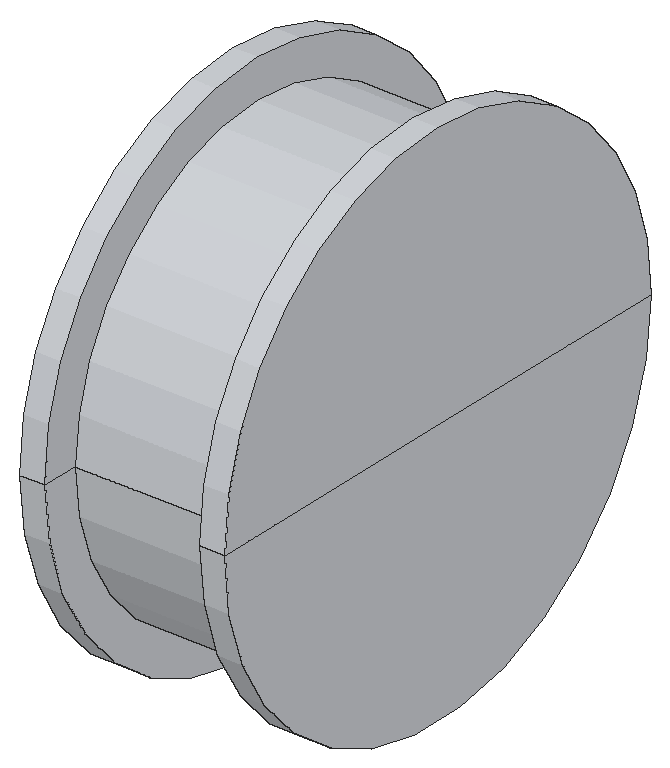
Revit family "38e2b4cb80ab40eda4b15d28600dfd3c", category Pipe Fittings, Revit 2021
Family settings
  Round Connector Dimension = Use Radius
  Part Type = Union
  OmniClass Number = 23.60.30.11.14
  OmniClass Title = Pipework Fittings
  Seek Item ID = Coupling - Generic-0000-USA-ENU
  Work Plane-Based = No
  Always vertical = Yes
  Cut with Voids When Loaded = No
  Shared = No
Parameters (values of type "Standard")
  Tick Size [instance] = Socket Outside Diameter * 0.4  # 13.4000"
  Socket Outside Radius [instance] = Socket Outside Diameter / 2  # 16.7500"
  Socket Outside Diameter [instance] = size_lookup(Lookup Table Name, "SOD", 1.08 * Nominal Diameter + 1.1200", Nominal Diameter)  # 33.5000"
  Nominal Radius [instance] = 15.0000"
  Nominal Diameter [instance] = Nominal Radius * 2  # 30.0000"
  Loss Method = K Coefficient from Table
  Lookup Table Name = "Sleeve Short Solid - MJ - DI - Class 250"
  Length Not Found [instance] = if(Nominal Diameter < 14.0000", 7.5000", if(Nominal Diameter < 30.0000", 9.5000", 15.0000"))  # 15.0000"
  Length [instance] = size_lookup(Lookup Table Name, "Lgt", Length Not Found, Nominal Diameter)  # 15.0000"
  K Coefficient Table = "Reducer/Coupling/Union/Increaser"
  Gland Width [instance] = size_lookup(Lookup Table Name, "GWid", 0.03 * Nominal Diameter + 0.9400", Nominal Diameter)  # 1.8100"
  Gland Outside Radius [instance] = Gland Outside Diameter / 2  # 19.5600"
  Gland Outside Diameter [instance] = size_lookup(Lookup Table Name, "GOD", 1.16 * Nominal Diameter + 4.0300", Nominal Diameter)  # 39.1200"
  Default Elevation = 0.0000"
Reference planes (in)
  plane 1 "Center (Front/Back)": y = 0
  plane 2: z = 0
  plane 3 "Center (Left/Right)": x = 0
  plane 4: x = -7.5
  plane 5: x = 7.5
  plane 6: y = 13.4
  plane 7: y = -13.4
  plane 8: y = 16.75
  plane 9: y = 19.56
  plane 10: x = -5.69
  plane 11: x = 5.69
Forms (in)
  Revolve 1, solid, detail levels fine
    sketch origin (0, 0, 0) x (1, 0, 0) y (0, 1, 0)
      loop
        line (-7.5, 0) -> (7.5, 0) -> (7.5, 19.56) -> (5.69, 19.56) -> (5.69, 16.75) -> (-5.69, 16.75) -> (-5.69, 19.56) -> (-7.5, 19.56) -> (-7.5, 0)
      axis (-7.5, 0) -> (7.5, 0)
    angle from 0 to 360
Lines and regions (in)
  model lines, detail levels coarse+medium
    curve 1: line (-7.5, 0, 0) -> (7.5, 0, 0)
    curve 2: line (-7.5, 13.4, 0) -> (-7.5, -13.4, 0)
    curve 3: line (7.5, 13.4, 0) -> (7.5, -13.4, 0)
Dimensions and locks (in)
  equal spacing: plane 4, plane 3 "Center (Left/Right)", plane 5
  "Length": plane 4 to plane 5
  "Tick Size": plane 6 to plane 1 "Center (Front/Back)"
  "Tick Size": plane 7 to plane 1 "Center (Front/Back)"
  "Socket Outside Radius": plane 8 to plane 1 "Center (Front/Back)"
  "Gland Outside Radius": plane 9 to plane 1 "Center (Front/Back)"
  "Gland Width": plane 4 to plane 10
  "Gland Width": plane 11 to plane 5
  aligned and locked: plane 6 to curve 2
  aligned and locked: plane 7 to curve 2
  aligned and locked: curve 2 to plane 4
  aligned and locked: plane 6 to curve 3
  aligned and locked: plane 7 to curve 3
  aligned and locked: plane 5 to curve 3
  aligned and locked: plane 4 to curve 1
  aligned and locked: plane 5 to curve 1
  aligned and locked: plane 1 "Center (Front/Back)" to curve 1
  aligned and locked: plane 1 "Center (Front/Back)" to Revolve 1 sketch curve
  aligned and locked: plane 5 to Revolve 1 sketch curve
  aligned and locked: plane 11 to Revolve 1 sketch curve
  aligned and locked: Revolve 1 sketch curve to plane 9  (x2)
  aligned and locked: Revolve 1 sketch curve to plane 8
  aligned and locked: Revolve 1 sketch curve to plane 10
  aligned and locked: plane 4 to Revolve 1 sketch curve
  aligned and locked: Revolve 1 sketch curve to Revolve 1 sketch curve
Automatic sketch dimensions
  Revolve 1 sketch curve to plane 4 = 4.7500"
  Revolve 1 sketch curve to Revolve 1 sketch curve = 6.7500"
Connectors (in)
  piping at (-7.5, 0, 0), diameter 30, driven by "Nominal Radius"
    settings: on Revolve 1, index 1, connector inside diameter 30.0000", connector length 0.0000", flow factor 0, pipe flow 0 GPM, pressure drop 0.00 psi, fitting loss kfactor 0, connector angle 0.00°, fixture units 0, engagement length 0.0000", angle of deflection 0.00°, flow configuration 0, flow direction 0, fitting loss method 0, system type 28, joint type 0, gender type 0, connector reference index 2, connector utility 0, adjustable connector no, is connector primary yes, connector description ""
  piping at (7.5, 0, 0), diameter 30, driven by "Nominal Radius"
    settings: on Revolve 1, index 2, connector inside diameter 30.0000", connector length 0.0000", flow factor 0, pipe flow 0 GPM, pressure drop 0.00 psi, fitting loss kfactor 0, connector angle 0.00°, fixture units 0, engagement length 0.0000", angle of deflection 0.00°, flow configuration 0, flow direction 0, fitting loss method 0, system type 28, joint type 0, gender type 0, connector reference index 1, connector utility 0, adjustable connector no, is connector primary no, connector description ""
